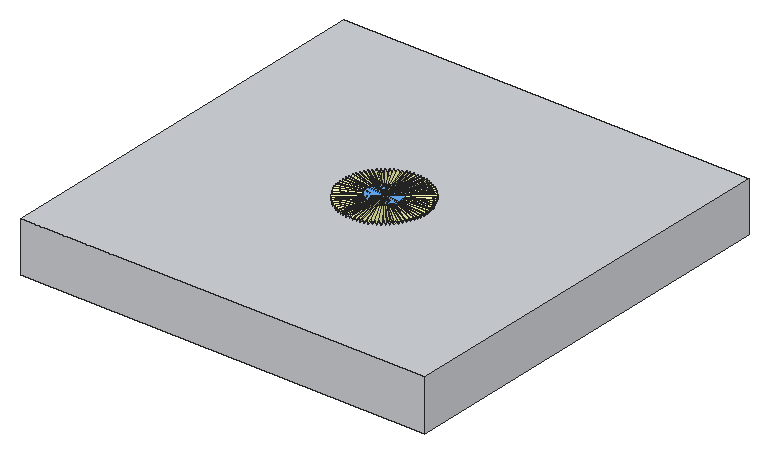
Revit family "Leque de Papel", category Mobiliário, Revit 2018 (continued)
Forms (mm)
  Sweep 278, solid, material "Papel" <- "Leque", visible <- "10"
    profile origin (0, 0, 0.448) x (-0.264644, -0.964346, 0) y (0, 0, 1)
      loop
        line (-7, 0) -> (-6.105, -0.448) -> (0, 10.652) -> (6.105, -0.448) -> (7, 0) -> (0, 12.727) -> (-7, 0)
  Sweep 279, solid, material "Papel" <- "Leque", visible <- "10"
    path origin (0, 0, 0.448) x (0.966238, -0.257653, 0) y (0.257653, 0.966238, 0)
      loop
        line (0, -50) -> (0, 50)
    profile origin (0, 0, 0.448) x (-0.966238, 0.257653, 0) y (0, 0, 1)
      loop
        line (7, 0) -> (0, 12.727) -> (-7, 0) -> (-6.105, -0.448) -> (0, 10.652) -> (6.105, -0.448) -> (7, 0)
  Sweep 280, solid, material "Papel" <- "Leque", visible <- "10"
    path origin (0, 0, 0.448) x (0.86723, -0.497908, 0) y (0.497908, 0.86723, 0)
      loop
        line (0, -50) -> (0, 50)
    profile origin (0, 0, 0.448) x (-0.86723, 0.497908, 0) y (0, 0, 1)
      loop
        line (7, 0) -> (0, 12.727) -> (-7, 0) -> (-6.105, -0.448) -> (0, 10.652) -> (6.105, -0.448) -> (7, 0)
  Sweep 281, solid, material "Papel" <- "Leque", visible <- "10"
    path origin (0, 0, 0.448) x (0.504176, -0.863601, 0) y (0.863601, 0.504176, 0)
      loop
        line (0, -50) -> (0, 50)
    profile origin (0, 0, 0.448) x (-0.504176, 0.863601, 0) y (0, 0, 1)
      loop
        line (7, 0) -> (0, 12.727) -> (-7, 0) -> (-6.105, -0.448) -> (0, 10.652) -> (6.105, -0.448) -> (7, 0)
  Sweep 282, solid, material "Papel" <- "Leque", visible <- "10"
    path origin (0, 0, 0.448) x (-0.709663, 0.704541, 0) y (0.704541, 0.709663, 0)
      loop
        line (0, -50) -> (0, 50)
    profile origin (0, 0, 0.448) x (-0.709663, 0.704541, 0) y (0, 0, 1)
      loop
        line (-7, 0) -> (-6.105, -0.448) -> (0, 10.652) -> (6.105, -0.448) -> (7, 0) -> (0, 12.727) -> (-7, 0)
  Sweep 283, solid, material "Papel" <- "Leque", visible <- "10"
    path origin (0, 0, 0.448) x (0.264644, -0.964346, 0) y (0.964346, 0.264644, 0)
      loop
        line (0, -50) -> (0, 50)
    profile origin (0, 0, 0.448) x (-0.264644, 0.964346, 0) y (0, 0, 1)
      loop
        line (7, 0) -> (0, 12.727) -> (-7, 0) -> (-6.105, -0.448) -> (0, 10.652) -> (6.105, -0.448) -> (7, 0)
Dimensions and locks
  Sweep 2 sketch curve to Sweep 2 sketch curve = 500 mm
  Sweep 3 sketch curve to Sweep 3 sketch curve = 500 mm  (x2)
  locked: Sweep 2 sketch curve to Sweep 2 sketch curve at 21.5
  locked: Sweep 2 sketch curve to Sweep 2 sketch curve at 1  (x2)
  Sweep 4 sketch curve to Sweep 4 sketch curve = 500 mm  (x2)
  locked: Sweep 4 sketch curve to Sweep 4 sketch curve at 21.5
  locked: Sweep 4 sketch curve to Sweep 4 sketch curve at 1  (x2)
  Sweep 5 sketch curve to Sweep 5 sketch curve = 500 mm  (x2)
  locked: Sweep 5 sketch curve to Sweep 5 sketch curve at 21.5
  locked: Sweep 5 sketch curve to Sweep 5 sketch curve at 1  (x2)
  Sweep 6 sketch curve to Sweep 6 sketch curve = 500 mm  (x2)
  locked: Sweep 6 sketch curve to Sweep 6 sketch curve at 21.5
  locked: Sweep 6 sketch curve to Sweep 6 sketch curve at 1  (x2)
  Sweep 7 sketch curve to Sweep 7 sketch curve = 500 mm  (x2)
  locked: Sweep 7 sketch curve to Sweep 7 sketch curve at 21.5
  locked: Sweep 7 sketch curve to Sweep 7 sketch curve at 1  (x2)
  Sweep 8 sketch curve to Sweep 8 sketch curve = 500 mm  (x2)
  locked: Sweep 8 sketch curve to Sweep 8 sketch curve at 21.5
  locked: Sweep 8 sketch curve to Sweep 8 sketch curve at 1  (x2)
  Sweep 9 sketch curve to Sweep 9 sketch curve = 500 mm  (x2)
  locked: Sweep 9 sketch curve to Sweep 9 sketch curve at 21.5
  locked: Sweep 9 sketch curve to Sweep 9 sketch curve at 1  (x2)
  Sweep 10 sketch curve to Sweep 10 sketch curve = 500 mm  (x2)
  locked: Sweep 10 sketch curve to Sweep 10 sketch curve at 21.5
  locked: Sweep 10 sketch curve to Sweep 10 sketch curve at 1  (x2)
  Sweep 11 sketch curve to Sweep 11 sketch curve = 500 mm  (x2)
  locked: Sweep 11 sketch curve to Sweep 11 sketch curve at 21.5
  locked: Sweep 11 sketch curve to Sweep 11 sketch curve at 1  (x2)
  Sweep 12 sketch curve to Sweep 12 sketch curve = 500 mm  (x2)
  locked: Sweep 12 sketch curve to Sweep 12 sketch curve at 21.5
  locked: Sweep 12 sketch curve to Sweep 12 sketch curve at 1  (x2)
  Sweep 13 sketch curve to Sweep 13 sketch curve = 500 mm  (x2)
  locked: Sweep 13 sketch curve to Sweep 13 sketch curve at 21.5
  locked: Sweep 13 sketch curve to Sweep 13 sketch curve at 1  (x2)
  Sweep 14 sketch curve to Sweep 14 sketch curve = 500 mm  (x2)
  locked: Sweep 14 sketch curve to Sweep 14 sketch curve at 21.5
  locked: Sweep 14 sketch curve to Sweep 14 sketch curve at 1  (x2)
  Sweep 15 sketch curve to Sweep 15 sketch curve = 500 mm  (x2)
  locked: Sweep 15 sketch curve to Sweep 15 sketch curve at 21.5
  locked: Sweep 15 sketch curve to Sweep 15 sketch curve at 1  (x2)
  Sweep 16 sketch curve to Sweep 16 sketch curve = 500 mm  (x2)
  locked: Sweep 16 sketch curve to Sweep 16 sketch curve at 21.5
  locked: Sweep 16 sketch curve to Sweep 16 sketch curve at 1  (x2)
  Sweep 17 sketch curve to Sweep 17 sketch curve = 500 mm  (x2)
  locked: Sweep 17 sketch curve to Sweep 17 sketch curve at 21.5
  locked: Sweep 17 sketch curve to Sweep 17 sketch curve at 1  (x2)
  Sweep 18 sketch curve to Sweep 18 sketch curve = 500 mm  (x2)
  locked: Sweep 18 sketch curve to Sweep 18 sketch curve at 21.5
  locked: Sweep 18 sketch curve to Sweep 18 sketch curve at 1  (x2)
  Sweep 19 sketch curve to Sweep 19 sketch curve = 500 mm  (x2)
  locked: Sweep 19 sketch curve to Sweep 19 sketch curve at 21.5
  locked: Sweep 19 sketch curve to Sweep 19 sketch curve at 1  (x2)
  Sweep 20 sketch curve to Sweep 20 sketch curve = 500 mm  (x2)
  locked: Sweep 20 sketch curve to Sweep 20 sketch curve at 21.5
  locked: Sweep 20 sketch curve to Sweep 20 sketch curve at 1  (x2)
  Sweep 21 sketch curve to Sweep 21 sketch curve = 500 mm  (x2)
  locked: Sweep 21 sketch curve to Sweep 21 sketch curve at 21.5
  locked: Sweep 21 sketch curve to Sweep 21 sketch curve at 1  (x2)
  Sweep 22 sketch curve to Sweep 22 sketch curve = 500 mm  (x2)
  locked: Sweep 22 sketch curve to Sweep 22 sketch curve at 21.5
  locked: Sweep 22 sketch curve to Sweep 22 sketch curve at 1  (x2)
  Sweep 23 sketch curve to Sweep 23 sketch curve = 500 mm  (x2)
  locked: Sweep 23 sketch curve to Sweep 23 sketch curve at 21.5
  locked: Sweep 23 sketch curve to Sweep 23 sketch curve at 1  (x2)
  Sweep 24 sketch curve to Sweep 24 sketch curve = 500 mm  (x2)
  locked: Sweep 24 sketch curve to Sweep 24 sketch curve at 21.5
  locked: Sweep 24 sketch curve to Sweep 24 sketch curve at 1  (x2)
  Sweep 25 sketch curve to Sweep 25 sketch curve = 500 mm  (x2)
  locked: Sweep 25 sketch curve to Sweep 25 sketch curve at 21.5
  locked: Sweep 25 sketch curve to Sweep 25 sketch curve at 1  (x2)
  Sweep 26 sketch curve to Sweep 26 sketch curve = 500 mm  (x2)
  locked: Sweep 26 sketch curve to Sweep 26 sketch curve at 21.5
  locked: Sweep 26 sketch curve to Sweep 26 sketch curve at 1  (x2)
  Sweep 27 sketch curve to Sweep 27 sketch curve = 500 mm  (x2)
  locked: Sweep 27 sketch curve to Sweep 27 sketch curve at 21.5
  locked: Sweep 27 sketch curve to Sweep 27 sketch curve at 1  (x2)
  Sweep 28 sketch curve to Sweep 28 sketch curve = 500 mm  (x2)
  locked: Sweep 28 sketch curve to Sweep 28 sketch curve at 21.5
  locked: Sweep 28 sketch curve to Sweep 28 sketch curve at 1  (x2)
  Sweep 29 sketch curve to Sweep 29 sketch curve = 500 mm  (x2)
  locked: Sweep 29 sketch curve to Sweep 29 sketch curve at 21.5
  locked: Sweep 29 sketch curve to Sweep 29 sketch curve at 1  (x2)
  Sweep 30 sketch curve to Sweep 30 sketch curve = 500 mm  (x2)
  locked: Sweep 30 sketch curve to Sweep 30 sketch curve at 21.5
  locked: Sweep 30 sketch curve to Sweep 30 sketch curve at 1  (x2)
  Sweep 31 sketch curve to Sweep 31 sketch curve = 500 mm  (x2)
  locked: Sweep 31 sketch curve to Sweep 31 sketch curve at 21.5
  locked: Sweep 31 sketch curve to Sweep 31 sketch curve at 1  (x2)
  Sweep 32 sketch curve to Sweep 32 sketch curve = 500 mm  (x2)
  locked: Sweep 32 sketch curve to Sweep 32 sketch curve at 21.5
  locked: Sweep 32 sketch curve to Sweep 32 sketch curve at 1  (x2)
  Sweep 33 sketch curve to Sweep 33 sketch curve = 500 mm  (x2)
  locked: Sweep 33 sketch curve to Sweep 33 sketch curve at 21.5
  locked: Sweep 33 sketch curve to Sweep 33 sketch curve at 1  (x2)
  Sweep 34 sketch curve to Sweep 34 sketch curve = 500 mm  (x2)
  locked: Sweep 34 sketch curve to Sweep 34 sketch curve at 21.5
  locked: Sweep 34 sketch curve to Sweep 34 sketch curve at 1  (x2)
  Sweep 35 sketch curve to Sweep 35 sketch curve = 500 mm  (x2)
  locked: Sweep 35 sketch curve to Sweep 35 sketch curve at 21.5
  locked: Sweep 35 sketch curve to Sweep 35 sketch curve at 1  (x2)
  Sweep 36 sketch curve to Sweep 36 sketch curve = 500 mm  (x2)
  locked: Sweep 36 sketch curve to Sweep 36 sketch curve at 21.5
  locked: Sweep 36 sketch curve to Sweep 36 sketch curve at 1  (x2)
  Sweep 37 sketch curve to Sweep 37 sketch curve = 500 mm  (x2)
  locked: Sweep 37 sketch curve to Sweep 37 sketch curve at 21.5
  locked: Sweep 37 sketch curve to Sweep 37 sketch curve at 1  (x2)
  Sweep 38 sketch curve to Sweep 38 sketch curve = 500 mm  (x2)
  locked: Sweep 38 sketch curve to Sweep 38 sketch curve at 21.5
  locked: Sweep 38 sketch curve to Sweep 38 sketch curve at 1  (x2)
  Sweep 39 sketch curve to Sweep 39 sketch curve = 500 mm  (x2)
  locked: Sweep 39 sketch curve to Sweep 39 sketch curve at 21.5
  locked: Sweep 39 sketch curve to Sweep 39 sketch curve at 1  (x2)
  Sweep 41 sketch curve to Sweep 41 sketch curve = 400 mm  (x2)
  locked: Sweep 41 sketch curve to Sweep 41 sketch curve at 1  (x2)
  Sweep 42 sketch curve to Sweep 42 sketch curve = 400 mm  (x2)
  Sweep 42 sketch curve to Sweep 42 sketch curve = 20 mm
  locked: Sweep 42 sketch curve to Sweep 42 sketch curve at 1  (x2)
  Sweep 43 sketch curve to Sweep 43 sketch curve = 400 mm  (x2)
  locked: Sweep 43 sketch curve to Sweep 43 sketch curve at 1  (x2)
  Sweep 44 sketch curve to Sweep 44 sketch curve = 400 mm  (x2)
  locked: Sweep 44 sketch curve to Sweep 44 sketch curve at 1  (x2)
  Sweep 45 sketch curve to Sweep 45 sketch curve = 400 mm  (x2)
  locked: Sweep 45 sketch curve to Sweep 45 sketch curve at 1  (x2)
  Sweep 46 sketch curve to Sweep 46 sketch curve = 400 mm  (x2)
  locked: Sweep 46 sketch curve to Sweep 46 sketch curve at 1  (x2)
  Sweep 47 sketch curve to Sweep 47 sketch curve = 400 mm  (x2)
  locked: Sweep 47 sketch curve to Sweep 47 sketch curve at 1  (x2)
  Sweep 48 sketch curve to Sweep 48 sketch curve = 400 mm  (x2)
  locked: Sweep 48 sketch curve to Sweep 48 sketch curve at 1  (x2)
  Sweep 49 sketch curve to Sweep 49 sketch curve = 400 mm  (x2)
  locked: Sweep 49 sketch curve to Sweep 49 sketch curve at 1  (x2)
  Sweep 50 sketch curve to Sweep 50 sketch curve = 400 mm  (x2)
  locked: Sweep 50 sketch curve to Sweep 50 sketch curve at 1  (x2)
  Sweep 51 sketch curve to Sweep 51 sketch curve = 400 mm  (x2)
  locked: Sweep 51 sketch curve to Sweep 51 sketch curve at 1  (x2)
  Sweep 52 sketch curve to Sweep 52 sketch curve = 400 mm  (x2)
  locked: Sweep 52 sketch curve to Sweep 52 sketch curve at 1  (x2)
  Sweep 53 sketch curve to Sweep 53 sketch curve = 400 mm  (x2)
  locked: Sweep 53 sketch curve to Sweep 53 sketch curve at 1  (x2)
  Sweep 54 sketch curve to Sweep 54 sketch curve = 400 mm  (x2)
  locked: Sweep 54 sketch curve to Sweep 54 sketch curve at 1  (x2)
  Sweep 55 sketch curve to Sweep 55 sketch curve = 400 mm  (x2)
  locked: Sweep 55 sketch curve to Sweep 55 sketch curve at 1  (x2)
  Sweep 56 sketch curve to Sweep 56 sketch curve = 400 mm  (x2)
  locked: Sweep 56 sketch curve to Sweep 56 sketch curve at 1  (x2)
  Sweep 57 sketch curve to Sweep 57 sketch curve = 400 mm  (x2)
  locked: Sweep 57 sketch curve to Sweep 57 sketch curve at 1  (x2)
  Sweep 58 sketch curve to Sweep 58 sketch curve = 400 mm  (x2)
  locked: Sweep 58 sketch curve to Sweep 58 sketch curve at 1  (x2)
  Sweep 59 sketch curve to Sweep 59 sketch curve = 400 mm  (x2)
  locked: Sweep 59 sketch curve to Sweep 59 sketch curve at 1  (x2)
  Sweep 60 sketch curve to Sweep 60 sketch curve = 400 mm  (x2)
  locked: Sweep 60 sketch curve to Sweep 60 sketch curve at 1  (x2)
  Sweep 61 sketch curve to Sweep 61 sketch curve = 400 mm  (x2)
  locked: Sweep 61 sketch curve to Sweep 61 sketch curve at 1  (x2)
  Sweep 62 sketch curve to Sweep 62 sketch curve = 400 mm  (x2)
  locked: Sweep 62 sketch curve to Sweep 62 sketch curve at 1  (x2)
  Sweep 63 sketch curve to Sweep 63 sketch curve = 400 mm  (x2)
  locked: Sweep 63 sketch curve to Sweep 63 sketch curve at 1  (x2)
  Sweep 64 sketch curve to Sweep 64 sketch curve = 400 mm  (x2)
  locked: Sweep 64 sketch curve to Sweep 64 sketch curve at 1  (x2)
  Sweep 65 sketch curve to Sweep 65 sketch curve = 400 mm  (x2)
  locked: Sweep 65 sketch curve to Sweep 65 sketch curve at 1  (x2)
  Sweep 66 sketch curve to Sweep 66 sketch curve = 400 mm  (x2)
  locked: Sweep 66 sketch curve to Sweep 66 sketch curve at 1  (x2)
  Sweep 67 sketch curve to Sweep 67 sketch curve = 400 mm  (x2)
  locked: Sweep 67 sketch curve to Sweep 67 sketch curve at 1  (x2)
  Sweep 68 sketch curve to Sweep 68 sketch curve = 400 mm  (x2)
  locked: Sweep 68 sketch curve to Sweep 68 sketch curve at 1  (x2)
  Sweep 69 sketch curve to Sweep 69 sketch curve = 400 mm  (x2)
  locked: Sweep 69 sketch curve to Sweep 69 sketch curve at 1  (x2)
  Sweep 70 sketch curve to Sweep 70 sketch curve = 400 mm  (x2)
  locked: Sweep 70 sketch curve to Sweep 70 sketch curve at 1  (x2)
  Sweep 71 sketch curve to Sweep 71 sketch curve = 400 mm  (x2)
  locked: Sweep 71 sketch curve to Sweep 71 sketch curve at 1  (x2)
  Sweep 72 sketch curve to Sweep 72 sketch curve = 400 mm  (x2)
  locked: Sweep 72 sketch curve to Sweep 72 sketch curve at 1  (x2)
  Sweep 74 sketch curve to Sweep 74 sketch curve = 300 mm  (x2)
  Sweep 74 sketch curve to Sweep 74 sketch curve = 20.4 mm
  locked: Sweep 74 sketch curve to Sweep 74 sketch curve at 1  (x2)
  Sweep 75 sketch curve to Sweep 75 sketch curve = 300 mm  (x2)
  Sweep 75 sketch curve to Sweep 75 sketch curve = 20.4 mm
  locked: Sweep 75 sketch curve to Sweep 75 sketch curve at 1  (x2)
  Sweep 76 sketch curve to Sweep 76 sketch curve = 300 mm  (x2)
  Sweep 76 sketch curve to Sweep 76 sketch curve = 20.4 mm
  locked: Sweep 76 sketch curve to Sweep 76 sketch curve at 1  (x2)
  Sweep 77 sketch curve to Sweep 77 sketch curve = 300 mm  (x2)
  Sweep 77 sketch curve to Sweep 77 sketch curve = 20.4 mm
  locked: Sweep 77 sketch curve to Sweep 77 sketch curve at 1  (x2)
  Sweep 78 sketch curve to Sweep 78 sketch curve = 300 mm  (x2)
  Sweep 78 sketch curve to Sweep 78 sketch curve = 20.4 mm
  locked: Sweep 78 sketch curve to Sweep 78 sketch curve at 1  (x2)
  Sweep 79 sketch curve to Sweep 79 sketch curve = 300 mm  (x2)
  Sweep 79 sketch curve to Sweep 79 sketch curve = 20.4 mm
  locked: Sweep 79 sketch curve to Sweep 79 sketch curve at 1  (x2)
  Sweep 80 sketch curve to Sweep 80 sketch curve = 300 mm  (x2)
  Sweep 80 sketch curve to Sweep 80 sketch curve = 20.4 mm
  locked: Sweep 80 sketch curve to Sweep 80 sketch curve at 1  (x2)
  Sweep 81 sketch curve to Sweep 81 sketch curve = 300 mm  (x2)
  Sweep 81 sketch curve to Sweep 81 sketch curve = 20.4 mm
  locked: Sweep 81 sketch curve to Sweep 81 sketch curve at 1  (x2)
  Sweep 82 sketch curve to Sweep 82 sketch curve = 300 mm  (x2)
  Sweep 82 sketch curve to Sweep 82 sketch curve = 20.4 mm
  locked: Sweep 82 sketch curve to Sweep 82 sketch curve at 1  (x2)
  Sweep 83 sketch curve to Sweep 83 sketch curve = 300 mm  (x2)
  Sweep 83 sketch curve to Sweep 83 sketch curve = 20.4 mm
  locked: Sweep 83 sketch curve to Sweep 83 sketch curve at 1  (x2)
  Sweep 84 sketch curve to Sweep 84 sketch curve = 300 mm  (x2)
  Sweep 84 sketch curve to Sweep 84 sketch curve = 20.4 mm
  locked: Sweep 84 sketch curve to Sweep 84 sketch curve at 1  (x2)
  Sweep 85 sketch curve to Sweep 85 sketch curve = 300 mm  (x2)
  Sweep 85 sketch curve to Sweep 85 sketch curve = 20.4 mm
  locked: Sweep 85 sketch curve to Sweep 85 sketch curve at 1  (x2)
  Sweep 86 sketch curve to Sweep 86 sketch curve = 300 mm  (x2)
  Sweep 86 sketch curve to Sweep 86 sketch curve = 20.4 mm
  locked: Sweep 86 sketch curve to Sweep 86 sketch curve at 1  (x2)
  Sweep 87 sketch curve to Sweep 87 sketch curve = 300 mm  (x2)
  Sweep 87 sketch curve to Sweep 87 sketch curve = 20.4 mm
  locked: Sweep 87 sketch curve to Sweep 87 sketch curve at 1  (x2)
  Sweep 88 sketch curve to Sweep 88 sketch curve = 300 mm  (x2)
  Sweep 88 sketch curve to Sweep 88 sketch curve = 20.4 mm
  locked: Sweep 88 sketch curve to Sweep 88 sketch curve at 1  (x2)
  Sweep 89 sketch curve to Sweep 89 sketch curve = 300 mm  (x2)
  Sweep 89 sketch curve to Sweep 89 sketch curve = 20.4 mm
  locked: Sweep 89 sketch curve to Sweep 89 sketch curve at 1  (x2)
  Sweep 90 sketch curve to Sweep 90 sketch curve = 300 mm  (x2)
  Sweep 90 sketch curve to Sweep 90 sketch curve = 20.4 mm
  locked: Sweep 90 sketch curve to Sweep 90 sketch curve at 1  (x2)
  Sweep 91 sketch curve to Sweep 91 sketch curve = 300 mm  (x2)
  Sweep 91 sketch curve to Sweep 91 sketch curve = 20.4 mm
  locked: Sweep 91 sketch curve to Sweep 91 sketch curve at 1  (x2)
  Sweep 92 sketch curve to Sweep 92 sketch curve = 300 mm  (x2)
  Sweep 92 sketch curve to Sweep 92 sketch curve = 20.4 mm
  locked: Sweep 92 sketch curve to Sweep 92 sketch curve at 1  (x2)
  Sweep 93 sketch curve to Sweep 93 sketch curve = 300 mm  (x2)
  Sweep 93 sketch curve to Sweep 93 sketch curve = 20.4 mm
  locked: Sweep 93 sketch curve to Sweep 93 sketch curve at 1  (x2)
  Sweep 94 sketch curve to Sweep 94 sketch curve = 300 mm  (x2)
  Sweep 94 sketch curve to Sweep 94 sketch curve = 20.4 mm
  locked: Sweep 94 sketch curve to Sweep 94 sketch curve at 1  (x2)
  Sweep 95 sketch curve to Sweep 95 sketch curve = 300 mm  (x2)
  Sweep 95 sketch curve to Sweep 95 sketch curve = 20.4 mm
  locked: Sweep 95 sketch curve to Sweep 95 sketch curve at 1  (x2)
  Sweep 96 sketch curve to Sweep 96 sketch curve = 300 mm  (x2)
  Sweep 96 sketch curve to Sweep 96 sketch curve = 20.4 mm
  locked: Sweep 96 sketch curve to Sweep 96 sketch curve at 1  (x2)
  Sweep 97 sketch curve to Sweep 97 sketch curve = 300 mm  (x2)
  Sweep 97 sketch curve to Sweep 97 sketch curve = 20.4 mm
  locked: Sweep 97 sketch curve to Sweep 97 sketch curve at 1  (x2)
  Sweep 99 sketch curve to Sweep 99 sketch curve = 200 mm  (x2)
  Sweep 99 sketch curve to Sweep 99 sketch curve = 18 mm
  locked: Sweep 99 sketch curve to Sweep 99 sketch curve at 1  (x2)
  Sweep 100 sketch curve to Sweep 100 sketch curve = 200 mm  (x2)
  Sweep 100 sketch curve to Sweep 100 sketch curve = 18 mm
  locked: Sweep 100 sketch curve to Sweep 100 sketch curve at 1  (x2)
  Sweep 101 sketch curve to Sweep 101 sketch curve = 200 mm  (x2)
  Sweep 101 sketch curve to Sweep 101 sketch curve = 18 mm
  locked: Sweep 101 sketch curve to Sweep 101 sketch curve at 1  (x2)
  Sweep 102 sketch curve to Sweep 102 sketch curve = 200 mm  (x2)
  Sweep 102 sketch curve to Sweep 102 sketch curve = 18 mm
  locked: Sweep 102 sketch curve to Sweep 102 sketch curve at 1  (x2)
  Sweep 103 sketch curve to Sweep 103 sketch curve = 200 mm  (x2)
  Sweep 103 sketch curve to Sweep 103 sketch curve = 18 mm
  locked: Sweep 103 sketch curve to Sweep 103 sketch curve at 1  (x2)
  Sweep 104 sketch curve to Sweep 104 sketch curve = 200 mm  (x2)
  Sweep 104 sketch curve to Sweep 104 sketch curve = 18 mm
  locked: Sweep 104 sketch curve to Sweep 104 sketch curve at 1  (x2)
  Sweep 105 sketch curve to Sweep 105 sketch curve = 200 mm  (x2)
  Sweep 105 sketch curve to Sweep 105 sketch curve = 18 mm
  locked: Sweep 105 sketch curve to Sweep 105 sketch curve at 1  (x2)
  Sweep 106 sketch curve to Sweep 106 sketch curve = 200 mm  (x2)
  Sweep 106 sketch curve to Sweep 106 sketch curve = 18 mm
  locked: Sweep 106 sketch curve to Sweep 106 sketch curve at 1  (x2)
  Sweep 107 sketch curve to Sweep 107 sketch curve = 200 mm  (x2)
  Sweep 107 sketch curve to Sweep 107 sketch curve = 18 mm
  locked: Sweep 107 sketch curve to Sweep 107 sketch curve at 1  (x2)
  Sweep 108 sketch curve to Sweep 108 sketch curve = 200 mm  (x2)
  Sweep 108 sketch curve to Sweep 108 sketch curve = 18 mm
  locked: Sweep 108 sketch curve to Sweep 108 sketch curve at 1  (x2)
  Sweep 109 sketch curve to Sweep 109 sketch curve = 200 mm  (x2)
  Sweep 109 sketch curve to Sweep 109 sketch curve = 18 mm
  locked: Sweep 109 sketch curve to Sweep 109 sketch curve at 1  (x2)
  Sweep 110 sketch curve to Sweep 110 sketch curve = 200 mm  (x2)
  Sweep 110 sketch curve to Sweep 110 sketch curve = 18 mm
  locked: Sweep 110 sketch curve to Sweep 110 sketch curve at 1  (x2)
  Sweep 111 sketch curve to Sweep 111 sketch curve = 200 mm  (x2)
  Sweep 111 sketch curve to Sweep 111 sketch curve = 18 mm
  locked: Sweep 111 sketch curve to Sweep 111 sketch curve at 1  (x2)
  Sweep 112 sketch curve to Sweep 112 sketch curve = 200 mm  (x2)
  Sweep 112 sketch curve to Sweep 112 sketch curve = 18 mm
  locked: Sweep 112 sketch curve to Sweep 112 sketch curve at 1  (x2)
  Sweep 113 sketch curve to Sweep 113 sketch curve = 200 mm  (x2)
  Sweep 113 sketch curve to Sweep 113 sketch curve = 18 mm
  locked: Sweep 113 sketch curve to Sweep 113 sketch curve at 1  (x2)
  Sweep 114 sketch curve to Sweep 114 sketch curve = 200 mm  (x2)
  Sweep 114 sketch curve to Sweep 114 sketch curve = 18 mm
  locked: Sweep 114 sketch curve to Sweep 114 sketch curve at 1  (x2)
  Sweep 115 sketch curve to Sweep 115 sketch curve = 200 mm  (x2)
  Sweep 115 sketch curve to Sweep 115 sketch curve = 18 mm
  locked: Sweep 115 sketch curve to Sweep 115 sketch curve at 1  (x2)
  Sweep 116 sketch curve to Sweep 116 sketch curve = 200 mm  (x2)
  Sweep 116 sketch curve to Sweep 116 sketch curve = 18 mm
  locked: Sweep 116 sketch curve to Sweep 116 sketch curve at 1  (x2)
  Sweep 117 sketch curve to Sweep 117 sketch curve = 100 mm  (x2)
  Sweep 117 sketch curve to Sweep 117 sketch curve = 14 mm
  locked: Sweep 117 sketch curve to Sweep 117 sketch curve at 1  (x2)
  Sweep 118 sketch curve to Sweep 118 sketch curve = 100 mm  (x2)
  Sweep 118 sketch curve to Sweep 118 sketch curve = 14 mm
  locked: Sweep 118 sketch curve to Sweep 118 sketch curve at 1  (x2)
  Sweep 119 sketch curve to Sweep 119 sketch curve = 100 mm  (x2)
  Sweep 119 sketch curve to Sweep 119 sketch curve = 14 mm
  locked: Sweep 119 sketch curve to Sweep 119 sketch curve at 1  (x2)
  Sweep 120 sketch curve to Sweep 120 sketch curve = 100 mm  (x2)
  Sweep 120 sketch curve to Sweep 120 sketch curve = 14 mm
  locked: Sweep 120 sketch curve to Sweep 120 sketch curve at 1  (x2)
  Sweep 121 sketch curve to Sweep 121 sketch curve = 100 mm  (x2)
  Sweep 121 sketch curve to Sweep 121 sketch curve = 14 mm
  locked: Sweep 121 sketch curve to Sweep 121 sketch curve at 1  (x2)
  Sweep 122 sketch curve to Sweep 122 sketch curve = 100 mm  (x2)
  Sweep 122 sketch curve to Sweep 122 sketch curve = 14 mm
  locked: Sweep 122 sketch curve to Sweep 122 sketch curve at 1  (x2)
  Sweep 123 sketch curve to Sweep 123 sketch curve = 100 mm  (x2)
  Sweep 123 sketch curve to Sweep 123 sketch curve = 14 mm
  locked: Sweep 123 sketch curve to Sweep 123 sketch curve at 1  (x2)
  Sweep 124 sketch curve to Sweep 124 sketch curve = 100 mm  (x2)
  Sweep 124 sketch curve to Sweep 124 sketch curve = 14 mm
  locked: Sweep 124 sketch curve to Sweep 124 sketch curve at 1  (x2)
  Sweep 125 sketch curve to Sweep 125 sketch curve = 100 mm  (x2)
  Sweep 125 sketch curve to Sweep 125 sketch curve = 14 mm
  locked: Sweep 125 sketch curve to Sweep 125 sketch curve at 1  (x2)
  Sweep 126 sketch curve to Sweep 126 sketch curve = 100 mm  (x2)
  Sweep 126 sketch curve to Sweep 126 sketch curve = 14 mm
  locked: Sweep 126 sketch curve to Sweep 126 sketch curve at 1  (x2)
  Sweep 127 sketch curve to Sweep 127 sketch curve = 100 mm  (x2)
  Sweep 127 sketch curve to Sweep 127 sketch curve = 14 mm
  locked: Sweep 127 sketch curve to Sweep 127 sketch curve at 1  (x2)
  Sweep 128 sketch curve to Sweep 128 sketch curve = 100 mm  (x2)
  Sweep 128 sketch curve to Sweep 128 sketch curve = 14 mm
  locked: Sweep 128 sketch curve to Sweep 128 sketch curve at 1  (x2)
  Sweep 131 sketch curve to Sweep 131 sketch curve = 100 mm  (x2)
  Sweep 131 sketch curve to Sweep 131 sketch curve = 14 mm
  locked: Sweep 131 sketch curve to Sweep 131 sketch curve at 1  (x2)
  Sweep 132 sketch curve to Sweep 132 sketch curve = 100 mm  (x2)
  Sweep 132 sketch curve to Sweep 132 sketch curve = 14 mm
  locked: Sweep 132 sketch curve to Sweep 132 sketch curve at 1  (x2)
  Sweep 133 sketch curve to Sweep 133 sketch curve = 100 mm  (x2)
  Sweep 133 sketch curve to Sweep 133 sketch curve = 14 mm
  locked: Sweep 133 sketch curve to Sweep 133 sketch curve at 1  (x2)
  Sweep 134 sketch curve to Sweep 134 sketch curve = 100 mm  (x2)
  Sweep 134 sketch curve to Sweep 134 sketch curve = 14 mm
  locked: Sweep 134 sketch curve to Sweep 134 sketch curve at 1  (x2)
  Sweep 135 sketch curve to Sweep 135 sketch curve = 100 mm  (x2)
  Sweep 135 sketch curve to Sweep 135 sketch curve = 14 mm
  locked: Sweep 135 sketch curve to Sweep 135 sketch curve at 1  (x2)
  Sweep 136 sketch curve to Sweep 136 sketch curve = 100 mm  (x2)
  Sweep 136 sketch curve to Sweep 136 sketch curve = 14 mm
  locked: Sweep 136 sketch curve to Sweep 136 sketch curve at 1  (x2)
  Sweep 137 sketch curve to Sweep 137 sketch curve = 100 mm  (x2)
  Sweep 137 sketch curve to Sweep 137 sketch curve = 14 mm
  locked: Sweep 137 sketch curve to Sweep 137 sketch curve at 1  (x2)
  Sweep 138 sketch curve to Sweep 138 sketch curve = 100 mm  (x2)
  Sweep 138 sketch curve to Sweep 138 sketch curve = 14 mm
  locked: Sweep 138 sketch curve to Sweep 138 sketch curve at 1  (x2)
  Sweep 139 sketch curve to Sweep 139 sketch curve = 100 mm  (x2)
  Sweep 139 sketch curve to Sweep 139 sketch curve = 14 mm
  locked: Sweep 139 sketch curve to Sweep 139 sketch curve at 1  (x2)
  Sweep 140 sketch curve to Sweep 140 sketch curve = 100 mm  (x2)
  Sweep 140 sketch curve to Sweep 140 sketch curve = 14 mm
  locked: Sweep 140 sketch curve to Sweep 140 sketch curve at 1  (x2)
  Sweep 141 sketch curve to Sweep 141 sketch curve = 100 mm  (x2)
  Sweep 141 sketch curve to Sweep 141 sketch curve = 14 mm
  locked: Sweep 141 sketch curve to Sweep 141 sketch curve at 1  (x2)
  Sweep 142 sketch curve to Sweep 142 sketch curve = 100 mm  (x2)
  Sweep 142 sketch curve to Sweep 142 sketch curve = 14 mm
  locked: Sweep 142 sketch curve to Sweep 142 sketch curve at 1  (x2)
  Sweep 143 sketch curve to Sweep 143 sketch curve = 500 mm
  Sweep 144 sketch curve to Sweep 144 sketch curve = 500 mm  (x2)
  locked: Sweep 143 sketch curve to Sweep 143 sketch curve at 21.5
  locked: Sweep 143 sketch curve to Sweep 143 sketch curve at 1  (x2)
  Sweep 145 sketch curve to Sweep 145 sketch curve = 500 mm  (x2)
  locked: Sweep 145 sketch curve to Sweep 145 sketch curve at 21.5
  locked: Sweep 145 sketch curve to Sweep 145 sketch curve at 1  (x2)
  Sweep 146 sketch curve to Sweep 146 sketch curve = 500 mm  (x2)
  locked: Sweep 146 sketch curve to Sweep 146 sketch curve at 21.5
  locked: Sweep 146 sketch curve to Sweep 146 sketch curve at 1  (x2)
  Sweep 147 sketch curve to Sweep 147 sketch curve = 500 mm  (x2)
  locked: Sweep 147 sketch curve to Sweep 147 sketch curve at 21.5
  locked: Sweep 147 sketch curve to Sweep 147 sketch curve at 1  (x2)
  Sweep 148 sketch curve to Sweep 148 sketch curve = 500 mm  (x2)
  locked: Sweep 148 sketch curve to Sweep 148 sketch curve at 21.5
  locked: Sweep 148 sketch curve to Sweep 148 sketch curve at 1  (x2)
  Sweep 149 sketch curve to Sweep 149 sketch curve = 500 mm  (x2)
  locked: Sweep 149 sketch curve to Sweep 149 sketch curve at 21.5
  locked: Sweep 149 sketch curve to Sweep 149 sketch curve at 1  (x2)
  Sweep 150 sketch curve to Sweep 150 sketch curve = 500 mm  (x2)
  locked: Sweep 150 sketch curve to Sweep 150 sketch curve at 21.5
  locked: Sweep 150 sketch curve to Sweep 150 sketch curve at 1  (x2)
  Sweep 151 sketch curve to Sweep 151 sketch curve = 500 mm  (x2)
  locked: Sweep 151 sketch curve to Sweep 151 sketch curve at 21.5
  locked: Sweep 151 sketch curve to Sweep 151 sketch curve at 1  (x2)
  Sweep 152 sketch curve to Sweep 152 sketch curve = 500 mm  (x2)
  locked: Sweep 152 sketch curve to Sweep 152 sketch curve at 21.5
  locked: Sweep 152 sketch curve to Sweep 152 sketch curve at 1  (x2)
  Sweep 153 sketch curve to Sweep 153 sketch curve = 500 mm  (x2)
  locked: Sweep 153 sketch curve to Sweep 153 sketch curve at 21.5
  locked: Sweep 153 sketch curve to Sweep 153 sketch curve at 1  (x2)
  Sweep 154 sketch curve to Sweep 154 sketch curve = 500 mm  (x2)
  locked: Sweep 154 sketch curve to Sweep 154 sketch curve at 21.5
  locked: Sweep 154 sketch curve to Sweep 154 sketch curve at 1  (x2)
  Sweep 155 sketch curve to Sweep 155 sketch curve = 500 mm  (x2)
  locked: Sweep 155 sketch curve to Sweep 155 sketch curve at 21.5
  locked: Sweep 155 sketch curve to Sweep 155 sketch curve at 1  (x2)
  Sweep 156 sketch curve to Sweep 156 sketch curve = 500 mm  (x2)
  locked: Sweep 156 sketch curve to Sweep 156 sketch curve at 21.5
  locked: Sweep 156 sketch curve to Sweep 156 sketch curve at 1  (x2)
  Sweep 157 sketch curve to Sweep 157 sketch curve = 500 mm  (x2)
  locked: Sweep 157 sketch curve to Sweep 157 sketch curve at 21.5
  locked: Sweep 157 sketch curve to Sweep 157 sketch curve at 1  (x2)
  Sweep 158 sketch curve to Sweep 158 sketch curve = 500 mm  (x2)
  locked: Sweep 158 sketch curve to Sweep 158 sketch curve at 21.5
  locked: Sweep 158 sketch curve to Sweep 158 sketch curve at 1  (x2)
  Sweep 159 sketch curve to Sweep 159 sketch curve = 500 mm  (x2)
  locked: Sweep 159 sketch curve to Sweep 159 sketch curve at 21.5
  locked: Sweep 159 sketch curve to Sweep 159 sketch curve at 1  (x2)
  Sweep 160 sketch curve to Sweep 160 sketch curve = 500 mm  (x2)
  locked: Sweep 160 sketch curve to Sweep 160 sketch curve at 21.5
  locked: Sweep 160 sketch curve to Sweep 160 sketch curve at 1  (x2)
  Sweep 161 sketch curve to Sweep 161 sketch curve = 500 mm  (x2)
  locked: Sweep 161 sketch curve to Sweep 161 sketch curve at 21.5
  locked: Sweep 161 sketch curve to Sweep 161 sketch curve at 1  (x2)
  Sweep 162 sketch curve to Sweep 162 sketch curve = 500 mm  (x2)
  locked: Sweep 162 sketch curve to Sweep 162 sketch curve at 21.5
  locked: Sweep 162 sketch curve to Sweep 162 sketch curve at 1  (x2)
  Sweep 163 sketch curve to Sweep 163 sketch curve = 500 mm  (x2)
  locked: Sweep 163 sketch curve to Sweep 163 sketch curve at 21.5
  locked: Sweep 163 sketch curve to Sweep 163 sketch curve at 1  (x2)
  Sweep 164 sketch curve to Sweep 164 sketch curve = 500 mm  (x2)
  locked: Sweep 164 sketch curve to Sweep 164 sketch curve at 21.5
  locked: Sweep 164 sketch curve to Sweep 164 sketch curve at 1  (x2)
  Sweep 165 sketch curve to Sweep 165 sketch curve = 500 mm  (x2)
  locked: Sweep 165 sketch curve to Sweep 165 sketch curve at 21.5
  locked: Sweep 165 sketch curve to Sweep 165 sketch curve at 1  (x2)
  Sweep 166 sketch curve to Sweep 166 sketch curve = 500 mm  (x2)
  locked: Sweep 166 sketch curve to Sweep 166 sketch curve at 21.5
  locked: Sweep 166 sketch curve to Sweep 166 sketch curve at 1  (x2)
  Sweep 167 sketch curve to Sweep 167 sketch curve = 500 mm  (x2)
  locked: Sweep 167 sketch curve to Sweep 167 sketch curve at 21.5
  locked: Sweep 167 sketch curve to Sweep 167 sketch curve at 1  (x2)
  Sweep 168 sketch curve to Sweep 168 sketch curve = 500 mm  (x2)
  locked: Sweep 168 sketch curve to Sweep 168 sketch curve at 21.5
  locked: Sweep 168 sketch curve to Sweep 168 sketch curve at 1  (x2)
  Sweep 169 sketch curve to Sweep 169 sketch curve = 500 mm  (x2)
  locked: Sweep 169 sketch curve to Sweep 169 sketch curve at 21.5
  locked: Sweep 169 sketch curve to Sweep 169 sketch curve at 1  (x2)
  Sweep 170 sketch curve to Sweep 170 sketch curve = 500 mm  (x2)
  locked: Sweep 170 sketch curve to Sweep 170 sketch curve at 21.5
  locked: Sweep 170 sketch curve to Sweep 170 sketch curve at 1  (x2)
  Sweep 171 sketch curve to Sweep 171 sketch curve = 500 mm  (x2)
  locked: Sweep 171 sketch curve to Sweep 171 sketch curve at 21.5
  locked: Sweep 171 sketch curve to Sweep 171 sketch curve at 1  (x2)
  Sweep 172 sketch curve to Sweep 172 sketch curve = 500 mm  (x2)
  locked: Sweep 172 sketch curve to Sweep 172 sketch curve at 21.5
  locked: Sweep 172 sketch curve to Sweep 172 sketch curve at 1  (x2)
  Sweep 173 sketch curve to Sweep 173 sketch curve = 500 mm  (x2)
  locked: Sweep 173 sketch curve to Sweep 173 sketch curve at 21.5
  locked: Sweep 173 sketch curve to Sweep 173 sketch curve at 1  (x2)
  Sweep 174 sketch curve to Sweep 174 sketch curve = 500 mm  (x2)
  locked: Sweep 174 sketch curve to Sweep 174 sketch curve at 21.5
  locked: Sweep 174 sketch curve to Sweep 174 sketch curve at 1  (x2)
  Sweep 175 sketch curve to Sweep 175 sketch curve = 500 mm  (x2)
  locked: Sweep 175 sketch curve to Sweep 175 sketch curve at 21.5
  locked: Sweep 175 sketch curve to Sweep 175 sketch curve at 1  (x2)
  Sweep 176 sketch curve to Sweep 176 sketch curve = 500 mm  (x2)
  locked: Sweep 176 sketch curve to Sweep 176 sketch curve at 21.5
  locked: Sweep 176 sketch curve to Sweep 176 sketch curve at 1  (x2)
  Sweep 177 sketch curve to Sweep 177 sketch curve = 500 mm  (x2)
  locked: Sweep 177 sketch curve to Sweep 177 sketch curve at 21.5
  locked: Sweep 177 sketch curve to Sweep 177 sketch curve at 1  (x2)
  Sweep 178 sketch curve to Sweep 178 sketch curve = 500 mm  (x2)
  locked: Sweep 178 sketch curve to Sweep 178 sketch curve at 21.5
  locked: Sweep 178 sketch curve to Sweep 178 sketch curve at 1  (x2)
  Sweep 179 sketch curve to Sweep 179 sketch curve = 500 mm  (x2)
  locked: Sweep 179 sketch curve to Sweep 179 sketch curve at 21.5
  locked: Sweep 179 sketch curve to Sweep 179 sketch curve at 1  (x2)
  Sweep 180 sketch curve to Sweep 180 sketch curve = 500 mm  (x2)
  locked: Sweep 180 sketch curve to Sweep 180 sketch curve at 21.5
  locked: Sweep 180 sketch curve to Sweep 180 sketch curve at 1  (x2)
  Sweep 182 sketch curve to Sweep 182 sketch curve = 400 mm  (x2)
  locked: Sweep 182 sketch curve to Sweep 182 sketch curve at 1  (x2)
  Sweep 183 sketch curve to Sweep 183 sketch curve = 400 mm  (x2)
  Sweep 183 sketch curve to Sweep 183 sketch curve = 20 mm
  locked: Sweep 183 sketch curve to Sweep 183 sketch curve at 1  (x2)
  Sweep 184 sketch curve to Sweep 184 sketch curve = 400 mm  (x2)
  locked: Sweep 184 sketch curve to Sweep 184 sketch curve at 1  (x2)
  Sweep 185 sketch curve to Sweep 185 sketch curve = 400 mm  (x2)
  locked: Sweep 185 sketch curve to Sweep 185 sketch curve at 1  (x2)
  Sweep 186 sketch curve to Sweep 186 sketch curve = 400 mm  (x2)
  locked: Sweep 186 sketch curve to Sweep 186 sketch curve at 1  (x2)
  Sweep 187 sketch curve to Sweep 187 sketch curve = 400 mm  (x2)
  locked: Sweep 187 sketch curve to Sweep 187 sketch curve at 1  (x2)
  Sweep 188 sketch curve to Sweep 188 sketch curve = 400 mm  (x2)
  locked: Sweep 188 sketch curve to Sweep 188 sketch curve at 1  (x2)
  Sweep 189 sketch curve to Sweep 189 sketch curve = 400 mm  (x2)
  locked: Sweep 189 sketch curve to Sweep 189 sketch curve at 1  (x2)
  Sweep 190 sketch curve to Sweep 190 sketch curve = 400 mm  (x2)
  locked: Sweep 190 sketch curve to Sweep 190 sketch curve at 1  (x2)
  Sweep 191 sketch curve to Sweep 191 sketch curve = 400 mm  (x2)
  locked: Sweep 191 sketch curve to Sweep 191 sketch curve at 1  (x2)
  Sweep 192 sketch curve to Sweep 192 sketch curve = 400 mm  (x2)
  locked: Sweep 192 sketch curve to Sweep 192 sketch curve at 1  (x2)
  Sweep 193 sketch curve to Sweep 193 sketch curve = 400 mm  (x2)
  locked: Sweep 193 sketch curve to Sweep 193 sketch curve at 1  (x2)
  Sweep 194 sketch curve to Sweep 194 sketch curve = 400 mm  (x2)
  locked: Sweep 194 sketch curve to Sweep 194 sketch curve at 1  (x2)
  Sweep 195 sketch curve to Sweep 195 sketch curve = 400 mm  (x2)
  locked: Sweep 195 sketch curve to Sweep 195 sketch curve at 1  (x2)
  Sweep 196 sketch curve to Sweep 196 sketch curve = 400 mm  (x2)
  locked: Sweep 196 sketch curve to Sweep 196 sketch curve at 1  (x2)
  Sweep 197 sketch curve to Sweep 197 sketch curve = 400 mm  (x2)
  locked: Sweep 197 sketch curve to Sweep 197 sketch curve at 1  (x2)
  Sweep 198 sketch curve to Sweep 198 sketch curve = 400 mm  (x2)
  locked: Sweep 198 sketch curve to Sweep 198 sketch curve at 1  (x2)
  Sweep 199 sketch curve to Sweep 199 sketch curve = 400 mm  (x2)
  locked: Sweep 199 sketch curve to Sweep 199 sketch curve at 1  (x2)
  Sweep 200 sketch curve to Sweep 200 sketch curve = 400 mm  (x2)
  locked: Sweep 200 sketch curve to Sweep 200 sketch curve at 1  (x2)
  Sweep 201 sketch curve to Sweep 201 sketch curve = 400 mm  (x2)
  locked: Sweep 201 sketch curve to Sweep 201 sketch curve at 1  (x2)
  Sweep 202 sketch curve to Sweep 202 sketch curve = 400 mm  (x2)
  locked: Sweep 202 sketch curve to Sweep 202 sketch curve at 1  (x2)
  Sweep 203 sketch curve to Sweep 203 sketch curve = 400 mm  (x2)
  locked: Sweep 203 sketch curve to Sweep 203 sketch curve at 1  (x2)
  Sweep 204 sketch curve to Sweep 204 sketch curve = 400 mm  (x2)
  locked: Sweep 204 sketch curve to Sweep 204 sketch curve at 1  (x2)
  Sweep 205 sketch curve to Sweep 205 sketch curve = 400 mm  (x2)
  locked: Sweep 205 sketch curve to Sweep 205 sketch curve at 1  (x2)
  Sweep 206 sketch curve to Sweep 206 sketch curve = 400 mm  (x2)
  locked: Sweep 206 sketch curve to Sweep 206 sketch curve at 1  (x2)
  Sweep 207 sketch curve to Sweep 207 sketch curve = 400 mm  (x2)
  locked: Sweep 207 sketch curve to Sweep 207 sketch curve at 1  (x2)
  Sweep 208 sketch curve to Sweep 208 sketch curve = 400 mm  (x2)
  locked: Sweep 208 sketch curve to Sweep 208 sketch curve at 1  (x2)
  Sweep 209 sketch curve to Sweep 209 sketch curve = 400 mm  (x2)
  locked: Sweep 209 sketch curve to Sweep 209 sketch curve at 1  (x2)
  Sweep 210 sketch curve to Sweep 210 sketch curve = 400 mm  (x2)
  locked: Sweep 210 sketch curve to Sweep 210 sketch curve at 1  (x2)
  Sweep 211 sketch curve to Sweep 211 sketch curve = 400 mm  (x2)
  locked: Sweep 211 sketch curve to Sweep 211 sketch curve at 1  (x2)
  Sweep 212 sketch curve to Sweep 212 sketch curve = 400 mm  (x2)
  locked: Sweep 212 sketch curve to Sweep 212 sketch curve at 1  (x2)
  Sweep 213 sketch curve to Sweep 213 sketch curve = 400 mm  (x2)
  locked: Sweep 213 sketch curve to Sweep 213 sketch curve at 1  (x2)
  Sweep 215 sketch curve to Sweep 215 sketch curve = 300 mm  (x2)
  Sweep 215 sketch curve to Sweep 215 sketch curve = 20.4 mm
  locked: Sweep 215 sketch curve to Sweep 215 sketch curve at 1  (x2)
  Sweep 216 sketch curve to Sweep 216 sketch curve = 300 mm  (x2)
  Sweep 216 sketch curve to Sweep 216 sketch curve = 20.4 mm
  locked: Sweep 216 sketch curve to Sweep 216 sketch curve at 1  (x2)
  Sweep 217 sketch curve to Sweep 217 sketch curve = 300 mm  (x2)
  Sweep 217 sketch curve to Sweep 217 sketch curve = 20.4 mm
  locked: Sweep 217 sketch curve to Sweep 217 sketch curve at 1  (x2)
  Sweep 218 sketch curve to Sweep 218 sketch curve = 300 mm  (x2)
  Sweep 218 sketch curve to Sweep 218 sketch curve = 20.4 mm
  locked: Sweep 218 sketch curve to Sweep 218 sketch curve at 1  (x2)
  Sweep 219 sketch curve to Sweep 219 sketch curve = 300 mm  (x2)
  Sweep 219 sketch curve to Sweep 219 sketch curve = 20.4 mm
  locked: Sweep 219 sketch curve to Sweep 219 sketch curve at 1  (x2)
  Sweep 220 sketch curve to Sweep 220 sketch curve = 300 mm  (x2)
  Sweep 220 sketch curve to Sweep 220 sketch curve = 20.4 mm
  locked: Sweep 220 sketch curve to Sweep 220 sketch curve at 1  (x2)
  Sweep 221 sketch curve to Sweep 221 sketch curve = 300 mm  (x2)
  Sweep 221 sketch curve to Sweep 221 sketch curve = 20.4 mm
  locked: Sweep 221 sketch curve to Sweep 221 sketch curve at 1  (x2)
  Sweep 222 sketch curve to Sweep 222 sketch curve = 300 mm  (x2)
  Sweep 222 sketch curve to Sweep 222 sketch curve = 20.4 mm
  locked: Sweep 222 sketch curve to Sweep 222 sketch curve at 1  (x2)
  Sweep 223 sketch curve to Sweep 223 sketch curve = 300 mm  (x2)
  Sweep 223 sketch curve to Sweep 223 sketch curve = 20.4 mm
  locked: Sweep 223 sketch curve to Sweep 223 sketch curve at 1  (x2)
  Sweep 224 sketch curve to Sweep 224 sketch curve = 300 mm  (x2)
  Sweep 224 sketch curve to Sweep 224 sketch curve = 20.4 mm
  locked: Sweep 224 sketch curve to Sweep 224 sketch curve at 1  (x2)
  Sweep 225 sketch curve to Sweep 225 sketch curve = 300 mm  (x2)
  Sweep 225 sketch curve to Sweep 225 sketch curve = 20.4 mm
  locked: Sweep 225 sketch curve to Sweep 225 sketch curve at 1  (x2)
  Sweep 226 sketch curve to Sweep 226 sketch curve = 300 mm  (x2)
  Sweep 226 sketch curve to Sweep 226 sketch curve = 20.4 mm
  locked: Sweep 226 sketch curve to Sweep 226 sketch curve at 1  (x2)
  Sweep 227 sketch curve to Sweep 227 sketch curve = 300 mm  (x2)
  Sweep 227 sketch curve to Sweep 227 sketch curve = 20.4 mm
  locked: Sweep 227 sketch curve to Sweep 227 sketch curve at 1  (x2)
  Sweep 228 sketch curve to Sweep 228 sketch curve = 300 mm  (x2)
  Sweep 228 sketch curve to Sweep 228 sketch curve = 20.4 mm
  locked: Sweep 228 sketch curve to Sweep 228 sketch curve at 1  (x2)
  Sweep 229 sketch curve to Sweep 229 sketch curve = 300 mm  (x2)
  Sweep 229 sketch curve to Sweep 229 sketch curve = 20.4 mm
  locked: Sweep 229 sketch curve to Sweep 229 sketch curve at 1  (x2)
  Sweep 230 sketch curve to Sweep 230 sketch curve = 300 mm  (x2)
  Sweep 230 sketch curve to Sweep 230 sketch curve = 20.4 mm
  locked: Sweep 230 sketch curve to Sweep 230 sketch curve at 1  (x2)
  Sweep 231 sketch curve to Sweep 231 sketch curve = 300 mm  (x2)
  Sweep 231 sketch curve to Sweep 231 sketch curve = 20.4 mm
  locked: Sweep 231 sketch curve to Sweep 231 sketch curve at 1  (x2)
  Sweep 232 sketch curve to Sweep 232 sketch curve = 300 mm  (x2)
  Sweep 232 sketch curve to Sweep 232 sketch curve = 20.4 mm
  locked: Sweep 232 sketch curve to Sweep 232 sketch curve at 1  (x2)
  Sweep 233 sketch curve to Sweep 233 sketch curve = 300 mm  (x2)
  Sweep 233 sketch curve to Sweep 233 sketch curve = 20.4 mm
  locked: Sweep 233 sketch curve to Sweep 233 sketch curve at 1  (x2)
  Sweep 234 sketch curve to Sweep 234 sketch curve = 300 mm  (x2)
  Sweep 234 sketch curve to Sweep 234 sketch curve = 20.4 mm
  locked: Sweep 234 sketch curve to Sweep 234 sketch curve at 1  (x2)
  Sweep 235 sketch curve to Sweep 235 sketch curve = 300 mm  (x2)
  Sweep 235 sketch curve to Sweep 235 sketch curve = 20.4 mm
  locked: Sweep 235 sketch curve to Sweep 235 sketch curve at 1  (x2)
  Sweep 236 sketch curve to Sweep 236 sketch curve = 300 mm  (x2)
  Sweep 236 sketch curve to Sweep 236 sketch curve = 20.4 mm
  locked: Sweep 236 sketch curve to Sweep 236 sketch curve at 1  (x2)
  Sweep 237 sketch curve to Sweep 237 sketch curve = 300 mm  (x2)
  Sweep 237 sketch curve to Sweep 237 sketch curve = 20.4 mm
  locked: Sweep 237 sketch curve to Sweep 237 sketch curve at 1  (x2)
  Sweep 238 sketch curve to Sweep 238 sketch curve = 300 mm  (x2)
  Sweep 238 sketch curve to Sweep 238 sketch curve = 20.4 mm
  locked: Sweep 238 sketch curve to Sweep 238 sketch curve at 1  (x2)
  Sweep 240 sketch curve to Sweep 240 sketch curve = 200 mm  (x2)
  Sweep 240 sketch curve to Sweep 240 sketch curve = 18 mm
  locked: Sweep 240 sketch curve to Sweep 240 sketch curve at 1  (x2)
  Sweep 241 sketch curve to Sweep 241 sketch curve = 200 mm  (x2)
  Sweep 241 sketch curve to Sweep 241 sketch curve = 18 mm
  locked: Sweep 241 sketch curve to Sweep 241 sketch curve at 1  (x2)
  Sweep 242 sketch curve to Sweep 242 sketch curve = 200 mm  (x2)
  Sweep 242 sketch curve to Sweep 242 sketch curve = 18 mm
  locked: Sweep 242 sketch curve to Sweep 242 sketch curve at 1  (x2)
  Sweep 243 sketch curve to Sweep 243 sketch curve = 200 mm  (x2)
  Sweep 243 sketch curve to Sweep 243 sketch curve = 18 mm
  locked: Sweep 243 sketch curve to Sweep 243 sketch curve at 1  (x2)
  Sweep 244 sketch curve to Sweep 244 sketch curve = 200 mm  (x2)
  Sweep 244 sketch curve to Sweep 244 sketch curve = 18 mm
  locked: Sweep 244 sketch curve to Sweep 244 sketch curve at 1  (x2)
  Sweep 245 sketch curve to Sweep 245 sketch curve = 200 mm  (x2)
  Sweep 245 sketch curve to Sweep 245 sketch curve = 18 mm
  locked: Sweep 245 sketch curve to Sweep 245 sketch curve at 1  (x2)
  Sweep 246 sketch curve to Sweep 246 sketch curve = 200 mm  (x2)
  Sweep 246 sketch curve to Sweep 246 sketch curve = 18 mm
  locked: Sweep 246 sketch curve to Sweep 246 sketch curve at 1  (x2)
  Sweep 247 sketch curve to Sweep 247 sketch curve = 200 mm  (x2)
  Sweep 247 sketch curve to Sweep 247 sketch curve = 18 mm
  locked: Sweep 247 sketch curve to Sweep 247 sketch curve at 1  (x2)
  Sweep 248 sketch curve to Sweep 248 sketch curve = 200 mm  (x2)
  Sweep 248 sketch curve to Sweep 248 sketch curve = 18 mm
  locked: Sweep 248 sketch curve to Sweep 248 sketch curve at 1  (x2)
  Sweep 249 sketch curve to Sweep 249 sketch curve = 200 mm  (x2)
  Sweep 249 sketch curve to Sweep 249 sketch curve = 18 mm
  locked: Sweep 249 sketch curve to Sweep 249 sketch curve at 1  (x2)
  Sweep 250 sketch curve to Sweep 250 sketch curve = 200 mm  (x2)
  Sweep 250 sketch curve to Sweep 250 sketch curve = 18 mm
  locked: Sweep 250 sketch curve to Sweep 250 sketch curve at 1  (x2)
  Sweep 251 sketch curve to Sweep 251 sketch curve = 200 mm  (x2)
  Sweep 251 sketch curve to Sweep 251 sketch curve = 18 mm
  locked: Sweep 251 sketch curve to Sweep 251 sketch curve at 1  (x2)
  Sweep 252 sketch curve to Sweep 252 sketch curve = 200 mm  (x2)
  Sweep 252 sketch curve to Sweep 252 sketch curve = 18 mm
  locked: Sweep 252 sketch curve to Sweep 252 sketch curve at 1  (x2)
  Sweep 253 sketch curve to Sweep 253 sketch curve = 200 mm  (x2)
  Sweep 253 sketch curve to Sweep 253 sketch curve = 18 mm
  locked: Sweep 253 sketch curve to Sweep 253 sketch curve at 1  (x2)
  Sweep 254 sketch curve to Sweep 254 sketch curve = 200 mm  (x2)
  Sweep 254 sketch curve to Sweep 254 sketch curve = 18 mm
  locked: Sweep 254 sketch curve to Sweep 254 sketch curve at 1  (x2)
  Sweep 255 sketch curve to Sweep 255 sketch curve = 200 mm  (x2)
  Sweep 255 sketch curve to Sweep 255 sketch curve = 18 mm
  locked: Sweep 255 sketch curve to Sweep 255 sketch curve at 1  (x2)
  Sweep 256 sketch curve to Sweep 256 sketch curve = 200 mm  (x2)
  Sweep 256 sketch curve to Sweep 256 sketch curve = 18 mm
  locked: Sweep 256 sketch curve to Sweep 256 sketch curve at 1  (x2)
  Sweep 257 sketch curve to Sweep 257 sketch curve = 200 mm  (x2)
  Sweep 257 sketch curve to Sweep 257 sketch curve = 18 mm
  locked: Sweep 257 sketch curve to Sweep 257 sketch curve at 1  (x2)
  Sweep 258 sketch curve to Sweep 258 sketch curve = 100 mm  (x2)
  Sweep 258 sketch curve to Sweep 258 sketch curve = 14 mm
  locked: Sweep 258 sketch curve to Sweep 258 sketch curve at 1  (x2)
  Sweep 259 sketch curve to Sweep 259 sketch curve = 100 mm  (x2)
  Sweep 259 sketch curve to Sweep 259 sketch curve = 14 mm
  locked: Sweep 259 sketch curve to Sweep 259 sketch curve at 1  (x2)
  Sweep 260 sketch curve to Sweep 260 sketch curve = 100 mm  (x2)
  Sweep 260 sketch curve to Sweep 260 sketch curve = 14 mm
  locked: Sweep 260 sketch curve to Sweep 260 sketch curve at 1  (x2)
  Sweep 261 sketch curve to Sweep 261 sketch curve = 100 mm  (x2)
  Sweep 261 sketch curve to Sweep 261 sketch curve = 14 mm
  locked: Sweep 261 sketch curve to Sweep 261 sketch curve at 1  (x2)
  Sweep 262 sketch curve to Sweep 262 sketch curve = 100 mm  (x2)
  Sweep 262 sketch curve to Sweep 262 sketch curve = 14 mm
  locked: Sweep 262 sketch curve to Sweep 262 sketch curve at 1  (x2)
  Sweep 263 sketch curve to Sweep 263 sketch curve = 100 mm  (x2)
  Sweep 263 sketch curve to Sweep 263 sketch curve = 14 mm
  locked: Sweep 263 sketch curve to Sweep 263 sketch curve at 1  (x2)
  Sweep 264 sketch curve to Sweep 264 sketch curve = 100 mm  (x2)
  Sweep 264 sketch curve to Sweep 264 sketch curve = 14 mm
  locked: Sweep 264 sketch curve to Sweep 264 sketch curve at 1  (x2)
  Sweep 265 sketch curve to Sweep 265 sketch curve = 100 mm  (x2)
  Sweep 265 sketch curve to Sweep 265 sketch curve = 14 mm
  locked: Sweep 265 sketch curve to Sweep 265 sketch curve at 1  (x2)
  Sweep 266 sketch curve to Sweep 266 sketch curve = 100 mm  (x2)
  Sweep 266 sketch curve to Sweep 266 sketch curve = 14 mm
  locked: Sweep 266 sketch curve to Sweep 266 sketch curve at 1  (x2)
  Sweep 267 sketch curve to Sweep 267 sketch curve = 100 mm  (x2)
  Sweep 267 sketch curve to Sweep 267 sketch curve = 14 mm
  locked: Sweep 267 sketch curve to Sweep 267 sketch curve at 1  (x2)
  Sweep 268 sketch curve to Sweep 268 sketch curve = 100 mm  (x2)
  Sweep 268 sketch curve to Sweep 268 sketch curve = 14 mm
  locked: Sweep 268 sketch curve to Sweep 268 sketch curve at 1  (x2)
  Sweep 269 sketch curve to Sweep 269 sketch curve = 100 mm  (x2)
  Sweep 269 sketch curve to Sweep 269 sketch curve = 14 mm
  locked: Sweep 269 sketch curve to Sweep 269 sketch curve at 1  (x2)
  Sweep 272 sketch curve to Sweep 272 sketch curve = 100 mm  (x2)
  Sweep 272 sketch curve to Sweep 272 sketch curve = 14 mm
  locked: Sweep 272 sketch curve to Sweep 272 sketch curve at 1  (x2)
  Sweep 273 sketch curve to Sweep 273 sketch curve = 100 mm  (x2)
  Sweep 273 sketch curve to Sweep 273 sketch curve = 14 mm
  locked: Sweep 273 sketch curve to Sweep 273 sketch curve at 1  (x2)
  Sweep 274 sketch curve to Sweep 274 sketch curve = 100 mm  (x2)
  Sweep 274 sketch curve to Sweep 274 sketch curve = 14 mm
  locked: Sweep 274 sketch curve to Sweep 274 sketch curve at 1  (x2)
  Sweep 275 sketch curve to Sweep 275 sketch curve = 100 mm  (x2)
  Sweep 275 sketch curve to Sweep 275 sketch curve = 14 mm
  locked: Sweep 275 sketch curve to Sweep 275 sketch curve at 1  (x2)
  Sweep 276 sketch curve to Sweep 276 sketch curve = 100 mm  (x2)
  Sweep 276 sketch curve to Sweep 276 sketch curve = 14 mm
  locked: Sweep 276 sketch curve to Sweep 276 sketch curve at 1  (x2)
  Sweep 277 sketch curve to Sweep 277 sketch curve = 100 mm  (x2)
  Sweep 277 sketch curve to Sweep 277 sketch curve = 14 mm
  locked: Sweep 277 sketch curve to Sweep 277 sketch curve at 1  (x2)
  Sweep 278 sketch curve to Sweep 278 sketch curve = 100 mm  (x2)
  Sweep 278 sketch curve to Sweep 278 sketch curve = 14 mm
  locked: Sweep 278 sketch curve to Sweep 278 sketch curve at 1  (x2)
  Sweep 279 sketch curve to Sweep 279 sketch curve = 100 mm  (x2)
  Sweep 279 sketch curve to Sweep 279 sketch curve = 14 mm
  locked: Sweep 279 sketch curve to Sweep 279 sketch curve at 1  (x2)
  Sweep 280 sketch curve to Sweep 280 sketch curve = 100 mm  (x2)
  Sweep 280 sketch curve to Sweep 280 sketch curve = 14 mm
  locked: Sweep 280 sketch curve to Sweep 280 sketch curve at 1  (x2)
  Sweep 281 sketch curve to Sweep 281 sketch curve = 100 mm  (x2)
  Sweep 281 sketch curve to Sweep 281 sketch curve = 14 mm
  locked: Sweep 281 sketch curve to Sweep 281 sketch curve at 1  (x2)
  Sweep 282 sketch curve to Sweep 282 sketch curve = 100 mm  (x2)
  Sweep 282 sketch curve to Sweep 282 sketch curve = 14 mm
  locked: Sweep 282 sketch curve to Sweep 282 sketch curve at 1  (x2)
  Sweep 283 sketch curve to Sweep 283 sketch curve = 100 mm  (x2)
  Sweep 283 sketch curve to Sweep 283 sketch curve = 14 mm
  locked: Sweep 283 sketch curve to Sweep 283 sketch curve at 1  (x2)
  aligned and locked: plane 2 to Extrusion 1
  aligned and locked: level to Extrusion 1
Types (5, lengths in mm): name | Leque | Centro | 50 | 40 | 30 | 20 | 10
  Leque de Papel 50cm | Papel | Papel 3 | yes | no | no | no | no
  Leque de Papel 10cm | Papel 2 | Papel 4 | no | no | no | no | yes
  Leque de Papel 20cm | Papel | Papel 4 | no | no | no | yes | no
  Leque de Papel 30cm | Papel 4 | Papel 2 | no | no | yes | no | no
  Leque de Papel 40cm | Papel 3 | Papel | no | yes | no | no | no
